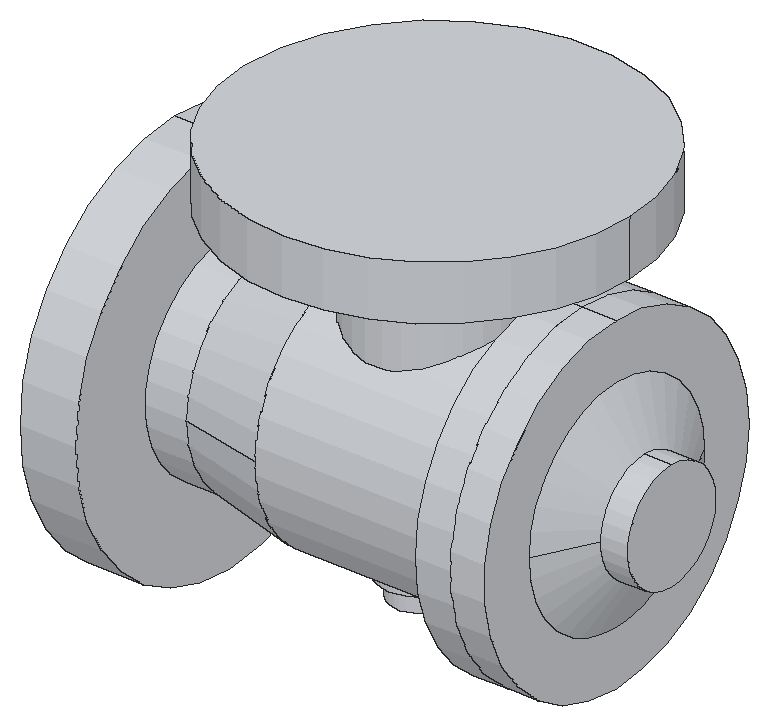
Revit family "M_Difusor de sucção - 65-200 mm - Flange", category Acessórios do tubo, Revit 2019
Family settings
  Cota do conector redondo = Usar raio
  Tipo de parte = Válvula - Normal
  Número OmniClass = 23.65.55.14
  Título OmniClass = Valves for Liquid Services
  ID de item do Seek = Suction Diffuser - 65-200 mm - Flanged-0000-CAN-ENU
  Com base no plano de trabalho = Não
  Sempre na vertical = Sim
  Corte com vazios quando carregada = Não
  Compartilhado = Não
Parameters (values of type "65 mmx65 mm")
  Material do difusor de sucção = none
  Comprimento do difusor de sucção = 229 mm
  Raio da referência 5 = 17.5 mm
  Raio da referência 4 = 12.7 mm
  Raio da referência 3 = (Altura 2 - 25.4 mm)  # 50.6 mm
  Raio da referência 2 = (Altura 2 - 50.8 mm)  # 25.2 mm
  Raio da referência = (Altura 2 - 19.05 mm)  # 56.95 mm
  Raio nominal externo = 32.5 mm
  Raio externo de saída = Diâmetro externo de saída / 2  # 49 mm
  Diâmetro externo de saída = 98 mm
  Raio externo da flange de saída = Diâmetro externo da flange de saída / 2  # 89 mm
  Diâmetro externo da flange de saída = 178 mm
  Diâmetro nominal externo = Raio nominal externo * 2  # 65 mm
  Comprimento 1 = 121 mm
  K Coefficient = 1.54
  Raio nominal interno = 32.5 mm
  Raio externo da entrada = Diâmetro externo da entrada / 2  # 36.5 mm
  Diâmetro externo da entrada = 73 mm
  Raio externo da flange interna = Diâmetro externo da flange interna / 2  # 89 mm
  Diâmetro externo da flange interna = Diâmetro externo da flange de saída  # 178 mm
  Diâmetro nominal interno = Raio nominal interno * 2  # 65 mm
  Altura 2 = 76 mm
  Altura 1 = 121 mm
  Assembly Code = ""
Types (5, lengths in mm): name | Comprimento do difusor de sucção | Raio da referência 3 | Raio da referência 2 | Raio da referência | Raio nominal externo | Raio externo de saída | Diâmetro externo de saída | Raio externo da flange de saída | Diâmetro externo da flange de saída | Diâmetro nominal externo | Comprimento 1 | K Coefficient | Raio nominal interno | Raio externo da entrada | Diâmetro externo da entrada | Raio externo da flange interna | Diâmetro externo da flange interna | Diâmetro nominal interno | Altura 2 | Altura 1
  65 mmx65 mm | 229 | 50.6 | 25.2 | 56.95 | 32.5 | 49 | 98 | 89 | 178 | 65 | 121 | 1.54 | 32.5 | 36.5 | 73 | 89 | 178 | 65 | 76 | 121
  80 mmx80 mm | 254 | 60.6 | 35.2 | 66.95 | 40 | 55.5 | 111 | 95.5 | 191 | 80 | 140 | 2 | 40 | 41.5 | 83 | 95.5 | 191 | 80 | 86 | 140
  100 mmx100 mm | 321 | 82.6 | 57.2 | 88.95 | 50 | 70 | 140 | 114.5 | 229 | 100 | 165 | 2.09 | 50 | 54 | 108 | 114.5 | 229 | 100 | 108 | 165
  150 mmx150 mm | 416 | 114.3 | 88.9 | 120.65 | 75 | 90.5 | 181 | 139.5 | 279 | 150 | 203 | 2.05 | 75 | 79.5 | 159 | 139.5 | 279 | 150 | 139.7 | 203
  200 mmx200 mm | 521 | 149.6 | 124.2 | 155.95 | 100 | 112.5 | 225 | 171.5 | 343 | 200 | 229 | 1.62 | 100 | 105 | 210 | 171.5 | 343 | 200 | 175 | 229
Reference planes
  plane 1 "Centro (Frente/Trás)": y = 0
  plane 2: z = 0
  plane 3 "Centro (Esquerda/Direita)": x = 0
  plane 4: x = 25.4
  plane 5: x = 44.45
  plane 6: x = 82.55
  plane 7: x = 121
  plane 8: x = 229
  plane 9: x = 216.3
  plane 10: x = 203.6
  plane 11: x = 187.725
  plane 12: x = 171.85
  plane 13: z = 121
  plane 14: z = 95.6
  plane 15: z = -76
  plane 16: z = -69.65
  plane 17: z = -60.125
  plane 18: z = -56.95
  plane 19 "1": x = 112.713
  plane 20: y = 89
  plane 21: y = -89
  plane 22: y = 25.2
  plane 23: y = -25.2
  plane 24: x = 114.5
  plane 25: x = 108.15
  plane 26: x = 120.85
  plane 27: x = 82.95
  plane 28: x = 95.55
  plane 29: y = 12.6
  plane 30: y = -12.6
Forms (mm)
  Sweep 1, solid, material <- "Material do difusor de sucção", detail levels fine
    path in 3D
      loop
        line (0, 0, 0) -> (25.4, 0, 0)
    profile origin (12.7, 0, 0) x (0, 0, 1) y (0, -1, 0)
      loop
        circle (0, 0) r 89
  Sweep 2, solid, material <- "Material do difusor de sucção", detail levels fine
    path in 3D
      loop
        line (25.4, 0, 0) -> (44.45, 0, 0)
    profile origin (34.925, 0, 0) x (0, 0, 1) y (0, -1, 0)
      loop
        circle (0, 0) r 49
  Blend 3, solid, material <- "Material do difusor de sucção", detail levels fine
    base sketch origin (0, 0, 0) x (0, 1, 0) y (0, 0, 1)
      loop
        circle (0, 0) r 49
    top sketch origin (0, 0, 0) x (0, 1, 0) y (0, 0, 1)
      loop
        circle (0, 0) r 56.95
    from 44.45 to 82.55
  Sweep 4, solid, material <- "Material do difusor de sucção", detail levels fine
    path in 3D
      loop
        line (229, 0, 0) -> (216.3, 0, 0)
    profile origin (222.65, 0, 0) x (0, 0, -1) y (0, -1, 0)
      loop
        circle (0, 0) r 25.2
  Blend 5, solid, material <- "Material do difusor de sucção", detail levels fine
    base sketch origin (0, 0, 0) x (0, 1, 0) y (0, 0, 1)
      loop
        circle (0, 0) r 50.6
    top sketch origin (0, 0, 0) x (0, 1, 0) y (0, 0, 1)
      loop
        circle (0, 0) r 25.2
    from 203.6 to 216.3
  Sweep 6, solid, material <- "Material do difusor de sucção", detail levels fine
    path in 3D
      loop
        line (203.6, 0, 0) -> (187.725, 0, 0)
    profile origin (195.663, 0, 0) x (0, 0, -1) y (0, -1, 0)
      loop
        circle (0, 0) r 76
  Sweep 7, solid, material <- "Material do difusor de sucção", detail levels fine
    path in 3D
      loop
        line (187.725, 0, 0) -> (171.85, 0, 0)
    profile origin (179.788, 0, 0) x (0, 0, -1) y (0, -1, 0)
      loop
        circle (0, 0) r 76
  Sweep 8, solid, material <- "Material do difusor de sucção", detail levels fine
    path in 3D
      loop
        line (82.55, 0, 0) -> (171.85, 0, 0)
    profile origin (127.2, 0, 0) x (0, 0, 1) y (0, -1, 0)
      loop
        circle (0, 0) r 56.95
  Sweep 9, solid, material <- "Material do difusor de sucção", detail levels fine
    path in 3D
      loop
        line (121, 0, 0) -> (121, 0, 95.6)
    profile origin (121, 0, 47.8) x (-1, 0, 0) y (0, -1, 0)
      loop
        circle (0, 0) r 36.5
  Sweep 10, solid, material <- "Material do difusor de sucção", detail levels fine
    path in 3D
      loop
        line (121, 0, 95.6) -> (121, 0, 121)
    profile origin (121, 0, 108.3) x (-1, 0, 0) y (0, -1, 0)
      loop
        circle (0, 0) r 89
  Sweep 11, solid, material <- "Material do difusor de sucção", detail levels fine
    path in 3D
      loop
        line (112.713, 0, -69.65) -> (112.713, 0, -60.125)
    profile origin (112.713, 0, -64.887) x (-1, 0, 0) y (0, -1, 0)
      loop
        circle (0, 0) r 12.7
  Sweep 12, solid, material <- "Material do difusor de sucção", detail levels fine
    path in 3D
      loop
        line (112.713, 0, -60.125) -> (112.713, 0, -56.95)
    profile origin (112.713, 0, -58.537) x (-1, 0, 0) y (0, -1, 0)
      loop
        circle (0, 0) r 17.5
Cuts and joins
  joined: Sweep 1, Sweep 2, Blend 3, Sweep 4, Blend 5, Sweep 6, Sweep 7, Sweep 8, Sweep 9, Sweep 10, Sweep 11, Sweep 12
Lines and regions (mm)
  reference lines
    curve 1: line (0, 0, 0) -> (25.4, 0, 0)
    curve 2: line (25.4, 0, 0) -> (44.45, 0, 0)
    curve 3: line (44.45, 0, 0) -> (82.55, 0, 0)
    curve 6: line (229, 0, 0) -> (216.3, 0, 0)
    curve 8: line (203.6, 0, 0) -> (216.3, 0, 0)
    curve 9: line (203.6, 0, 0) -> (187.725, 0, 0)
    curve 10: line (187.725, 0, 0) -> (171.85, 0, 0)
    curve 13: line (82.55, 0, 0) -> (171.85, 0, 0)
    curve 15: line (121, 0, 0) -> (121, 0, 95.6)
    curve 17: line (121, 0, 95.6) -> (121, 0, 121)
    curve 19: line (112.713, 0, -69.65) -> (112.713, 0, -60.125)
    curve 21: line (112.713, 0, -60.125) -> (112.713, 0, -56.95)
  sketch lines
    curve 4: line (0, 0, 0) -> (25.4, 0, 0)
    curve 5: line (25.4, 0, 0) -> (44.45, 0, 0)
    curve 7: line (229, 0, 0) -> (216.3, 0, 0)
    curve 11: line (203.6, 0, 0) -> (187.725, 0, 0)
    curve 12: line (187.725, 0, 0) -> (171.85, 0, 0)
    curve 14: line (82.55, 0, 0) -> (171.85, 0, 0)
    curve 16: line (121, 0, 0) -> (121, 0, 95.6)
    curve 18: line (121, 0, 95.6) -> (121, 0, 121)
    curve 20: line (112.713, 0, -69.65) -> (112.713, 0, -60.125)
    curve 22: line (112.713, 0, -60.125) -> (112.713, 0, -56.95)
  model lines, detail levels coarse+medium
    curve 23: line (0, 89, 0) -> (0, -89, 0)
    curve 24: line (229, 25.2, 0) -> (229, -25.2, 0)
    curve 25: line (0, 89, 0) -> (229, 25.2, 0)
    curve 26: line (0, -89, 0) -> (229, -25.2, 0)
    curve 27: arc (105.871, 19.827, 0) -> (84.374, 18.418, 0) -> (95.55, 0, 0) r 12.6
    curve 28: arc (85.229, -19.827, 0) -> (106.726, -18.418, 0) -> (95.55, 0, 0) r 12.6
    curve 29: line (120.85, 25.2, 0) -> (120.85, -25.2, 0)
    curve 30: arc (120.85, 25.2, 0) -> (146.05, 0, 0) -> (120.85, -25.2, 0) r 25.2
Dimensions and locks
  locked: level to plane 2 at 0
  locked: plane 4 to plane 3 "Centro (Esquerda/Direita)" at 25.4
  locked: plane 5 to plane 4 at 19.05
  locked: plane 6 to plane 5 at 38.1
  "Comprimento 1": plane 7 to plane 3 "Centro (Esquerda/Direita)"
  "Comprimento do difusor de sucção": plane 8 to plane 3 "Centro (Esquerda/Direita)"
  locked: plane 8 to plane 9 at 12.7
  locked: plane 9 to plane 10 at 12.7
  plane 10 to plane 11 to plane 12 = 15.875 mm locked, 15.875 mm locked
  "Altura 1": plane 13 to plane 2
  locked: plane 13 to plane 14 at 25.4
  "Altura 2": plane 2 to plane 15
  locked: plane 17 to plane 16 at 9.525
  locked: plane 18 to plane 17 at 3.175
  locked: plane 16 to plane 15 at 6.35
  locked: plane 19 "1" to plane 6 at 30.162
  equal spacing: plane 20, plane 1 "Centro (Frente/Trás)", plane 21
  "Diâmetro externo da flange de saída": plane 20 to plane 21
  equal spacing: plane 23, plane 1 "Centro (Frente/Trás)", plane 22
  "Raio da referência 2": plane 23 to plane 1 "Centro (Frente/Trás)"
  equal spacing: plane 3 "Centro (Esquerda/Direita)", plane 24, plane 8
  "Raio da referência 2": plane 27 to plane 25
  equal spacing: plane 27, plane 28, plane 25
  equal spacing: plane 23, plane 30, plane 1 "Centro (Frente/Trás)"
  equal spacing: plane 1 "Centro (Frente/Trás)", plane 29, plane 22
  equal spacing: plane 25, plane 24, plane 26
  locked: plane 24 to plane 26 at 6.35
  "Raio externo da flange de saída": radius of Sweep 1 sketch curve
  "Raio externo de saída": radius of Sweep 2 sketch curve
  "Raio externo de saída": radius of Blend 3 sketch curve
  "Raio da referência": radius of Blend 3 sketch curve
  "Raio da referência 2": radius of Sweep 4 sketch curve
  "Raio da referência 3": radius of Blend 5 sketch curve
  "Raio da referência 2": radius of Blend 5 sketch curve
  "Altura 2": radius of Sweep 6 sketch curve
  "Altura 2": radius of Sweep 7 sketch curve
  "Raio da referência": radius of Sweep 8 sketch curve
  "Raio externo da entrada": radius of Sweep 9 sketch curve
  "Raio externo da flange interna": radius of Sweep 10 sketch curve
  "Raio da referência 4": radius of Sweep 11 sketch curve
  "Raio da referência 5": radius of Sweep 12 sketch curve
  "Raio da referência 2": radius of curve 30
  angle curve 27 to curve 27 = 235.00°
  angle curve 28 to curve 28 = 235.00°
  aligned and locked: plane 3 "Centro (Esquerda/Direita)" to curve 1
  aligned and locked: plane 4 to curve 1
  aligned and locked: curve 1 to plane 2
  aligned and locked: plane 5 to curve 2
  aligned and locked: plane 6 to curve 3
  aligned and locked: curve 3 to plane 2
  aligned and locked: curve 2 to plane 2
  aligned and locked: Blend 3 to plane 5
  aligned and locked: plane 6 to Blend 3
  aligned and locked: plane 1 "Centro (Frente/Trás)" to Blend 3 sketch curve  (x2)
  aligned and locked: plane 2 to Blend 3 sketch curve  (x2)
  aligned and locked: plane 1 "Centro (Frente/Trás)" to Sweep 2 sketch curve
  aligned and locked: plane 2 to Sweep 2 sketch curve
  aligned and locked: plane 1 "Centro (Frente/Trás)" to Sweep 1 sketch curve
  aligned and locked: plane 2 to Sweep 1 sketch curve
  aligned and locked: plane 9 to curve 6
  aligned and locked: plane 8 to curve 6
  aligned and locked: plane 2 to curve 6
  aligned and locked: plane 1 "Centro (Frente/Trás)" to Sweep 4 sketch curve
  aligned and locked: plane 2 to Sweep 4 sketch curve
  aligned and locked: plane 10 to curve 8
  aligned and locked: curve 8 to plane 2
  aligned and locked: Blend 5 to plane 10
  aligned and locked: plane 9 to Blend 5
  aligned and locked: plane 2 to Blend 5 sketch curve  (x2)
  aligned and locked: plane 1 "Centro (Frente/Trás)" to Blend 5 sketch curve  (x2)
  aligned and locked: plane 11 to curve 9
  aligned and locked: plane 2 to curve 10
  aligned and locked: plane 1 "Centro (Frente/Trás)" to Sweep 6 sketch curve
  aligned and locked: plane 2 to Sweep 6 sketch curve
  aligned and locked: plane 1 "Centro (Frente/Trás)" to Sweep 7 sketch curve
  aligned and locked: plane 2 to Sweep 7 sketch curve
  aligned and locked: plane 12 to curve 13
  aligned and locked: curve 13 to plane 2
  aligned and locked: plane 1 "Centro (Frente/Trás)" to Sweep 8 sketch curve
  aligned and locked: plane 2 to Sweep 8 sketch curve
  aligned and locked: plane 2 to curve 15
  aligned and locked: plane 7 to curve 15
  aligned and locked: plane 13 to curve 17
  aligned and locked: plane 14 to curve 17
  aligned and locked: plane 7 to curve 17
  aligned and locked: plane 17 to curve 19
  aligned and locked: plane 16 to curve 19
  aligned and locked: plane 18 to curve 21
  aligned and locked: plane 19 "1" to curve 21
  aligned and locked: plane 1 "Centro (Frente/Trás)" to Sweep 12 sketch curve
  aligned and locked: plane 19 "1" to Sweep 12 sketch curve
  aligned and locked: plane 19 "1" to Sweep 11 sketch curve
  aligned and locked: plane 1 "Centro (Frente/Trás)" to Sweep 11 sketch curve
  aligned and locked: plane 21 to curve 23
  aligned and locked: plane 23 to curve 24
  aligned and locked: curve 24 to plane 8
  aligned and locked: plane 20 to curve 25
  aligned and locked: plane 3 "Centro (Esquerda/Direita)" to curve 25
  aligned and locked: plane 22 to curve 25
  aligned and locked: plane 29 to curve 27
  aligned and locked: plane 28 to curve 27
  aligned and locked: plane 1 "Centro (Frente/Trás)" to curve 27
  aligned and locked: plane 30 to curve 28
  aligned and locked: plane 28 to curve 28
  aligned and locked: plane 1 "Centro (Frente/Trás)" to curve 28
  aligned and locked: plane 22 to curve 29
  aligned and locked: plane 26 to curve 29
  aligned and locked: plane 26 to curve 30
Automatic sketch dimensions
  Sweep 9 sketch curve to profile plane = 0 mm
  profile plane to Sweep 9 sketch curve = 0 mm
  Sweep 10 sketch curve to profile plane = 0 mm
  profile plane to Sweep 10 sketch curve = 0 mm
Connectors
  piping at (0, 0, 0), diameter 65, driven by "Raio nominal externo"
    settings: on cut or joined group 1 (Sweep 1, Sweep 2, Blend 3, Sweep 4, Blend 5, Sweep 6, Sweep 7, Sweep 8, Sweep 9, Sweep 10, Sweep 11, Sweep 12), index 1, connector inside diameter 65 mm, connector length 0 mm, flow factor 0, pipe flow 0.0 L/s, pressure drop 0.0 Pa, fitting loss kfactor 0, connector angle 0.00°, fixture units 0, engagement length 0 mm, angle of deflection 0.00°, flow configuration 0, flow direction 0, fitting loss method 2, system type 29, joint type 0, gender type 0, connector reference index 2, connector utility 0, adjustable connector no, is connector primary yes, connector description ""
  piping at (121, 0, 121), diameter 65, driven by "Raio nominal interno", driven by "K Coefficient"
    settings: on cut or joined group 1, index 2, connector inside diameter 65 mm, connector length 0 mm, flow factor 0, pipe flow 0.0 L/s, pressure drop 0.0 Pa, fitting loss kfactor 1.54, connector angle 0.00°, fixture units 0, engagement length 0 mm, angle of deflection 0.00°, flow configuration 0, flow direction 0, fitting loss method 2, system type 29, joint type 0, gender type 0, connector reference index 1, connector utility 0, adjustable connector no, is connector primary no, connector description ""
